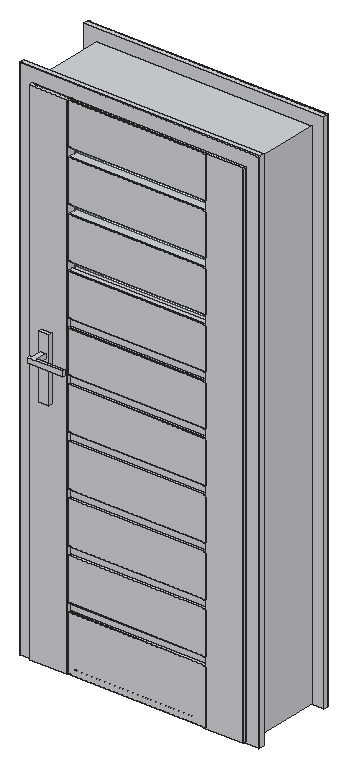
Revit family "porta_koncept_A3_osc_ps", category Drzwi, Revit 2016
Family settings
  Obiekt nadrzędny = Ściana
  Zawsze pionowo = Tak
  Tnij formami wycięć po wczytaniu = Nie
  Współdzielony = Nie
  Punkt obliczania pomieszczeń = Nie
Parameters (values of type "PN 80")
  Zakres szerokości muru [instance] = if(and(Grubość ściany > 94 mm, Grubość ściany < 120 mm), "B", (if(and(Grubość ściany > 119 mm, Grubość ściany < 140 mm), "C", (if(and(Grubość ściany > 139 mm, Grubość ściany < 160 mm), "D", (if(and(Grubość ściany > 159 mm, Grubość ściany < 180 mm), "E", (if(and(Grubość ściany > 179 mm, Grubość ściany < 200 mm), "F", (if(and(Grubość ściany > 199 mm, Grubość ściany < 220 mm), "G", (if(and(Grubość ściany > 219 mm, Grubość ściany < 240 mm), "H", (if(and(Grubość ściany > 239 mm, Grubość ściany < 260 mm), "I", (if(and(Grubość ściany > 259 mm, Grubość ściany < 280 mm), "J", (if(and(Grubość ściany > 279 mm, Grubość ściany < 301 mm), "K", "BRAK")))))))))))))))))))  # "K"
  Wysokość brutto = 2060 mm
  Szerokość brutto = 880 mm
  Model = "Koncept A3"
  Konstrukcja analityczna = "<Brak>"
  Grubość ściany [instance] = 300 mm
  Funkcja = Wewnętrzna
  URL = "www.porta.com.pl"
  Ss = 844 mm
  Sb = 846 mm
  Producent = "PORTA KMI POLAND"
  Keynote = ""
  Description = ""
  Wysokość = 2016 mm
  Zakończenie ściany = Wg obiektu nadrzędnego
  Szerokość = 800 mm
  Materiał_skrzydło [instance] = none
  Materiał_ościeżnica [instance] = none
  Materiał_klamka [instance] = none
  Informacja = "Własność Porta KMI Poland, wszelkie prawa zastrzeżone."  # constant formula
  Hs = 2030 mm
Types (6, lengths in mm): name | Szerokość brutto | Ss | Sb | Description | Szerokość
  PN 70 | 780 | 744 | 746 | "Biblioteki CAD produktów firmy PORTA KMI POLAND wraz z ich wizualizacjami są chronione prawami własności przemysłowej i intelektualnej. Można je wykorzystywać do handlowych celów osobistych poprzez zastosowanie w projektach, jednak nie wolno ich powielać, modyfikować, licencjonować ani publikować, w całości ani w części, chyba że celem przeglądania, bez uprzedniej pisemnej zgody PORTA KMI Poland. www.porta.com.pl" | 700
  PN 60 | 680 | 644 | 646 | "Biblioteki CAD produktów firmy PORTA KMI POLAND wraz z ich wizualizacjami są chronione prawami własności przemysłowej i intelektualnej. Można je wykorzystywać do handlowych celów osobistych poprzez zastosowanie w projektach, jednak nie wolno ich powielać, modyfikować, licencjonować ani publikować, w całości ani w części, chyba że celem przeglądania, bez uprzedniej pisemnej zgody PORTA KMI Poland. www.porta.com.pl" | 600
  PN 80 | 880 | 844 | 846 | "" | 800
  PN 90 | 980 | 944 | 946 | "Biblioteki CAD produktów firmy PORTA KMI POLAND wraz z ich wizualizacjami są chronione prawami własności przemysłowej i intelektualnej. Można je wykorzystywać do handlowych celów osobistych poprzez zastosowanie w projektach, jednak nie wolno ich powielać, modyfikować, licencjonować ani publikować, w całości ani w części, chyba że celem przeglądania, bez uprzedniej pisemnej zgody PORTA KMI Poland. www.porta.com.pl" | 900
  PN 100 | 1080 | 1044 | 1046 | "Biblioteki CAD produktów firmy PORTA KMI POLAND wraz z ich wizualizacjami są chronione prawami własności przemysłowej i intelektualnej. Można je wykorzystywać do handlowych celów osobistych poprzez zastosowanie w projektach, jednak nie wolno ich powielać, modyfikować, licencjonować ani publikować, w całości ani w części, chyba że celem przeglądania, bez uprzedniej pisemnej zgody PORTA KMI Poland. www.porta.com.pl" | 1000
  PN 110 | 1180 | 1144 | 1146 | "Biblioteki CAD produktów firmy PORTA KMI POLAND wraz z ich wizualizacjami są chronione prawami własności przemysłowej i intelektualnej. Można je wykorzystywać do handlowych celów osobistych poprzez zastosowanie w projektach, jednak nie wolno ich powielać, modyfikować, licencjonować ani publikować, w całości ani w części, chyba że celem przeglądania, bez uprzedniej pisemnej zgody PORTA KMI Poland. www.porta.com.pl" | 1100
Reference planes
  plane 1: y = 0
  plane 2 "Środek (Lewa/Prawa)": x = 0
  plane 3 "Lewy": x = -440
  plane 4 "Prawy": x = 440
  plane 5: z = 2060
  plane 6 "Zewnętrzna": y = 150
  plane 7 "Wewnętrzna": y = -150
  plane 8 "skrzydło": y = -144.5
Forms (mm)
  Sweep 1, solid, material <- "Materiał_ościeżnica"
    path in 3D
      loop
        line (-440, -150, 0) -> (-440, -150, 2060) -> (440, -150, 2060) -> (440, -150, 0)
    profile origin (-440, -150, 1030) x (0, -1, 0) y (1, 0, 0)
      loop
        line (-10, 39) -> (-72, 39) -> (-72, 17) -> (0, 17) -> (0, -33) -> (16, -33)
        arc (16, -33) -> (18.121, -32.121) -> (19, -30) r 3
        line (19, -30) -> (19, 24)
        arc (19, 24) -> (18.121, 26.121) -> (16, 27) r 3
        line (16, 27) -> (-10, 27) -> (-10, 39)
  Sweep 2, solid, material <- "Materiał_ościeżnica"
    path in 3D
      loop
        line (440, 150, 0) -> (440, 150, 2060) -> (-440, 150, 2060) -> (-440, 150, 0)
    profile origin (-440, 150, 1030) x (1, 0, 0) y (0, 1, 0)
      loop
        line (-33, 0) -> (17, 0) -> (17, -228) -> (39, -228) -> (39, -1)
        arc (39, -1) -> (37.536, 2.536) -> (34, 4) r 5
        line (34, 4) -> (25, 4) -> (25, 16)
        arc (25, 16) -> (24.121, 18.121) -> (22, 19) r 3
        line (22, 19) -> (-30, 19)
        arc (-30, 19) -> (-32.121, 18.121) -> (-33, 16) r 3
        line (-33, 16) -> (-33, 0)
  Sweep 3, solid, not visible
    path in 3D
      loop
        line (-440, -150, 0) -> (-440, -150, 2060)
    profile origin (-440, -150, 1030) x (0, -1, 0) y (1, 0, 0)
      loop
        line (-151, 17) -> (-149, 17) -> (-149, 19) -> (-151, 19) -> (-151, 17)
Cuts and joins
  joined: Sweep 1, Sweep 2
Lines and regions (mm)
  Opening 1
    outline origin (-3050, -150, 0) x (1, 0, 0) y (0, 0, 1)
      loop
        line (2610, 0) -> (3490, 0) -> (3490, 2060) -> (2610, 2060) -> (2610, 0)
  sketch lines
    curve 1: line (-440, -150, 0) -> (-440, -150, 2060)
    curve 2: line (-440, -150, 2060) -> (440, -150, 2060)
    curve 3: line (440, -150, 2060) -> (440, -150, 0)
    curve 4: line (-440, 150, 2060) -> (-440, 150, 0)
    curve 5: line (440, 150, 2060) -> (-440, 150, 2060)
    curve 6: line (440, 150, 0) -> (440, 150, 2060)
    curve 12: line (-440, -150, 0) -> (-440, -150, 2060)
  symbolic lines, style "DoorsPanelProjection"
    curve 7: line (422, -150, 0) -> (422, -994, 0)
    curve 8: line (422, -994, 0) -> (382, -994, 0)
    curve 9: line (382, -994, 0) -> (382, -150, 0)
    curve 10: line (382, -150, 0) -> (422, -150, 0)
  symbolic lines, style "Ugięcie rzutu"
    curve 11: arc (-422, -150, 0) -> (-174.798, -746.798, 0) -> (422, -994, 0) r 844
Text (mm)
  text "Zewnętrzna" at (-2295.016, 1099.543, 0), in view "Poziom odniesienia"
  text "Zewnętrzna" at (0, 1615.38, 3698.081), in view "Lewy"
  text "Zewnętrzna" at (0, 1036.032, 3874.932), in view "Prawy"
Dimensions and locks
  equal spacing: plane 3 "Lewy", plane 2 "Środek (Lewa/Prawa)", plane 4 "Prawy"
  "Szerokość brutto": plane 3 "Lewy" to plane 4 "Prawy"
  "Wysokość brutto": plane 5 to host wall
  host wall to plane 5 = 2060 mm  (x2)
  locked: plane 6 "Zewnętrzna" to host wall at 0
  locked: plane 7 "Wewnętrzna" to host wall
  "Sb": Sweep 1 to Sweep 1
  locked: Sweep 1 sketch curve to Sweep 1 sketch curve at 22
  Sweep 1 sketch curve to Sweep 1 sketch curve = 50 mm
  locked: Sweep 1 sketch curve to profile plane at 72
  locked: Sweep 2 sketch curve to Sweep 2 sketch curve at 50
  locked: Sweep 2 sketch curve to Sweep 2 sketch curve at 22
  locked: Sweep 2 sketch curve to plane 6 "Zewnętrzna" at 1
  locked: curve 9 to curve 7 at 40
  "Ss": curve 8 to curve 10
  equal spacing: curve 11, plane 2 "Środek (Lewa/Prawa)", curve 7
  locked: plane 7 "Wewnętrzna" to plane 8 "skrzydło" at 5.5
  locked: host wall to Sweep 3 sketch curve at 1
  locked: Sweep 3 sketch curve to host wall at 1
  locked: Sweep 3 sketch curve to plane 6 "Zewnętrzna" at 151
  locked: plane 7 "Wewnętrzna" to Sweep 3 sketch curve at 151
  equal spacing: nested 1, plane 2 "Środek (Lewa/Prawa)", nested 1
  locked: nested 1 to level at 8
  "Grubość ściany": host wall to host wall
  aligned and locked: plane 3 "Lewy" to Opening 1 sketch curve
  aligned and locked: plane 5 to Opening 1 sketch curve  (x2)
  aligned and locked: Opening 1 sketch curve to plane 4 "Prawy"
  aligned and locked: Opening 1 sketch curve to level
  aligned and locked: plane 1 to host wall
  aligned and locked: Sweep 1 to Sweep 2 sketch curve
  aligned and locked: plane 7 "Wewnętrzna" to curve 10
  aligned and locked: Sweep 3 sketch curve to cut or joined group of Sweep 1, Sweep 2
  aligned and locked: Sweep 2 sketch curve to cut or joined group of Sweep 1, Sweep 2
  aligned and locked: nested 1 to plane 8 "skrzydło"
Automatic sketch dimensions
  profile plane to Sweep 1 sketch curve = 10 mm
  Sweep 1 sketch curve to profile plane = 16 mm  (x2)
  Sweep 1 sketch curve to Sweep 1 sketch curve = 3 mm
  profile plane to Sweep 1 sketch curve = 17 mm
  Sweep 1 sketch curve to Sweep 1 sketch curve = 7 mm
  Sweep 1 sketch curve to profile plane = 0 mm
  Sweep 2 sketch curve to profile plane = 0 mm
  Sweep 2 sketch curve to profile plane = 16 mm
  Sweep 2 sketch curve to Sweep 2 sketch curve = 3 mm
  Sweep 2 sketch curve to Sweep 2 sketch curve = 5 mm
  Sweep 2 sketch curve to profile plane = 4 mm
  Sweep 2 sketch curve to Sweep 2 sketch curve = 8 mm
  curve 11 to host wall = 0 mm
  Sweep 3 sketch curve to Sweep 3 sketch curve = 2 mm
Nested families
  nested 1: "skrzydło" at (0, -151, 0), Materiał_klamka <- "Materiał_klamka", Materiał_skrzydło <- "Materiał_skrzydło", type "skrzydło"
    with Materiał_skrzydło none, Materiał_klamka none
Definition of nested family "skrzydło"
  Parameters
    Ss = 844 mm
    Materiał_skrzydło [instance] = none
    Materiał_klamka [instance] = none
    Hs = 2030 mm
  Reference planes
    plane 1 "Tył": y = 6.5
    plane 2: z = 0
    plane 3 "Środek (Lewa/Prawa)": x = 0
    plane 4 "Lewa": x = -422
    plane 5 "Prawa": x = 422
    plane 6 "Przód": y = -33.5
    plane 7: z = 2038
    plane 8 "Centrum": y = -13.5
    plane 9: x = -409
    plane 10: z = 8
    plane 11: x = 409
    plane 12: x = -272
    plane 13: x = 272
    plane 14: z = 2025
  Forms (mm)
    Extrusion 1, solid, material <- "Materiał_skrzydło"
      sketch origin (-1191.728, -1524, 8) x (-1, 0, 0) y (0, -1, 0)
        loop
          line (-1465.378, -1490.5) -> (-1612.078, -1490.5)
          arc (-1612.078, -1490.5) -> (-1613.244, -1490.983) -> (-1613.728, -1492.15) r 1.65
          line (-1613.728, -1492.15) -> (-1613.728, -1501.85)
          arc (-1613.728, -1501.85) -> (-1613.244, -1503.017) -> (-1612.078, -1503.5) r 1.65
          line (-1612.078, -1503.5) -> (-1602.078, -1503.5)
          arc (-1602.078, -1503.5) -> (-1601.123, -1503.895) -> (-1600.728, -1504.85) r 1.35
          line (-1600.728, -1504.85) -> (-1600.728, -1528.85)
          arc (-1600.728, -1528.85) -> (-1600.244, -1530.017) -> (-1599.078, -1530.5) r 1.65
          line (-1599.078, -1530.5) -> (-1465.378, -1530.5)
          arc (-1465.378, -1530.5) -> (-1464.211, -1530.017) -> (-1463.728, -1528.85) r 1.65
          line (-1463.728, -1528.85) -> (-1463.728, -1492.15)
          arc (-1463.728, -1492.15) -> (-1464.211, -1490.983) -> (-1465.378, -1490.5) r 1.65
      from 0 to 2030
    Extrusion 2, void
      sketch origin (0, 0, 0) x (0, -1, 0) y (0, 0, 1)
        loop
          line (-6.5, 2025) -> (20.5, 2025) -> (20.5, 2038) -> (-6.5, 2038) -> (-6.5, 2025)
      from -422 to 422
    Extrusion 3, solid, material <- "Materiał_skrzydło"
      sketch origin (0, 0, 0) x (0, 1, 0) y (0, 0, 1)
        loop
          line (4, 1869.65) -> (4, 2023.35)
          arc (4, 2023.35) -> (3.517, 2024.517) -> (2.35, 2025) r 1.65
          line (2.35, 2025) -> (-19.15, 2025)
          arc (-19.15, 2025) -> (-20.105, 2025.395) -> (-20.5, 2026.35) r 1.35
          line (-20.5, 2026.35) -> (-20.5, 2036.35)
          arc (-20.5, 2036.35) -> (-20.983, 2037.517) -> (-22.15, 2038) r 1.65
          line (-22.15, 2038) -> (-29.35, 2038)
          arc (-29.35, 2038) -> (-30.517, 2037.517) -> (-31, 2036.35) r 1.65
          line (-31, 2036.35) -> (-31, 1869.65)
          arc (-31, 1869.65) -> (-30.517, 1868.483) -> (-29.35, 1868) r 1.65
          line (-29.35, 1868) -> (2.35, 1868)
          arc (2.35, 1868) -> (3.517, 1868.483) -> (4, 1869.65) r 1.65
        loop
          line (2.35, 228) -> (-29.35, 228)
          arc (-29.35, 228) -> (-30.517, 227.517) -> (-31, 226.35) r 1.65
          line (-31, 226.35) -> (-31, 9.65)
          arc (-31, 9.65) -> (-30.517, 8.483) -> (-29.35, 8) r 1.65
          line (-29.35, 8) -> (-25, 8)
          arc (-25, 8) -> (-23.833, 8.483) -> (-23.35, 9.65) r 1.65
          arc (-23.35, 9.65) -> (-22.955, 10.605) -> (-22, 11) r 1.35
          line (-22, 11) -> (-5, 11)
          arc (-5, 11) -> (-4.045, 10.605) -> (-3.65, 9.65) r 1.35
          arc (-3.65, 9.65) -> (-3.167, 8.483) -> (-2, 8) r 1.65
          line (-2, 8) -> (2.35, 8)
          arc (2.35, 8) -> (3.517, 8.483) -> (4, 9.65) r 1.65
          line (4, 9.65) -> (4, 226.35)
          arc (4, 226.35) -> (3.517, 227.517) -> (2.35, 228) r 1.65
        loop
          line (2.35, 429.1) -> (-29.35, 429.1)
          arc (-29.35, 429.1) -> (-30.517, 428.617) -> (-31, 427.45) r 1.65
          line (-31, 427.45) -> (-31, 260.75)
          arc (-31, 260.75) -> (-30.517, 259.583) -> (-29.35, 259.1) r 1.65
          line (-29.35, 259.1) -> (2.35, 259.1)
          arc (2.35, 259.1) -> (3.517, 259.583) -> (4, 260.75) r 1.65
          line (4, 260.75) -> (4, 427.45)
          arc (4, 427.45) -> (3.517, 428.617) -> (2.35, 429.1) r 1.65
        loop
          line (2.35, 630.2) -> (-29.35, 630.2)
          arc (-29.35, 630.2) -> (-30.517, 629.717) -> (-31, 628.55) r 1.65
          line (-31, 628.55) -> (-31, 461.85)
          arc (-31, 461.85) -> (-30.517, 460.683) -> (-29.35, 460.2) r 1.65
          line (-29.35, 460.2) -> (2.35, 460.2)
          arc (2.35, 460.2) -> (3.517, 460.683) -> (4, 461.85) r 1.65
          line (4, 461.85) -> (4, 628.55)
          arc (4, 628.55) -> (3.517, 629.717) -> (2.35, 630.2) r 1.65
        loop
          line (2.35, 831.3) -> (-29.35, 831.3)
          arc (-29.35, 831.3) -> (-30.517, 830.817) -> (-31, 829.65) r 1.65
          line (-31, 829.65) -> (-31, 662.95)
          arc (-31, 662.95) -> (-30.517, 661.783) -> (-29.35, 661.3) r 1.65
          line (-29.35, 661.3) -> (2.35, 661.3)
          arc (2.35, 661.3) -> (3.517, 661.783) -> (4, 662.95) r 1.65
          line (4, 662.95) -> (4, 829.65)
          arc (4, 829.65) -> (3.517, 830.817) -> (2.35, 831.3) r 1.65
        loop
          line (2.35, 1032.4) -> (-29.35, 1032.4)
          arc (-29.35, 1032.4) -> (-30.517, 1031.917) -> (-31, 1030.75) r 1.65
          line (-31, 1030.75) -> (-31, 864.05)
          arc (-31, 864.05) -> (-30.517, 862.883) -> (-29.35, 862.4) r 1.65
          line (-29.35, 862.4) -> (2.35, 862.4)
          arc (2.35, 862.4) -> (3.517, 862.883) -> (4, 864.05) r 1.65
          line (4, 864.05) -> (4, 1030.75)
          arc (4, 1030.75) -> (3.517, 1031.917) -> (2.35, 1032.4) r 1.65
        loop
          line (2.35, 1233.5) -> (-29.35, 1233.5)
          arc (-29.35, 1233.5) -> (-30.517, 1233.017) -> (-31, 1231.85) r 1.65
          line (-31, 1231.85) -> (-31, 1065.15)
          arc (-31, 1065.15) -> (-30.517, 1063.983) -> (-29.35, 1063.5) r 1.65
          line (-29.35, 1063.5) -> (2.35, 1063.5)
          arc (2.35, 1063.5) -> (3.517, 1063.983) -> (4, 1065.15) r 1.65
          line (4, 1065.15) -> (4, 1231.85)
          arc (4, 1231.85) -> (3.517, 1233.017) -> (2.35, 1233.5) r 1.65
        loop
          line (2.35, 1434.6) -> (-29.35, 1434.6)
          arc (-29.35, 1434.6) -> (-30.517, 1434.117) -> (-31, 1432.95) r 1.65
          line (-31, 1432.95) -> (-31, 1266.25)
          arc (-31, 1266.25) -> (-30.517, 1265.083) -> (-29.35, 1264.6) r 1.65
          line (-29.35, 1264.6) -> (2.35, 1264.6)
          arc (2.35, 1264.6) -> (3.517, 1265.083) -> (4, 1266.25) r 1.65
          line (4, 1266.25) -> (4, 1432.95)
          arc (4, 1432.95) -> (3.517, 1434.117) -> (2.35, 1434.6) r 1.65
        loop
          line (2.35, 1635.7) -> (-29.35, 1635.7)
          arc (-29.35, 1635.7) -> (-30.517, 1635.217) -> (-31, 1634.05) r 1.65
          line (-31, 1634.05) -> (-31, 1467.35)
          arc (-31, 1467.35) -> (-30.517, 1466.183) -> (-29.35, 1465.7) r 1.65
          line (-29.35, 1465.7) -> (2.35, 1465.7)
          arc (2.35, 1465.7) -> (3.517, 1466.183) -> (4, 1467.35) r 1.65
          line (4, 1467.35) -> (4, 1634.05)
          arc (4, 1634.05) -> (3.517, 1635.217) -> (2.35, 1635.7) r 1.65
        loop
          line (2.35, 1836.8) -> (-29.35, 1836.8)
          arc (-29.35, 1836.8) -> (-30.517, 1836.317) -> (-31, 1835.15) r 1.65
          line (-31, 1835.15) -> (-31, 1668.45)
          arc (-31, 1668.45) -> (-30.517, 1667.283) -> (-29.35, 1666.8) r 1.65
          line (-29.35, 1666.8) -> (2.35, 1666.8)
          arc (2.35, 1666.8) -> (3.517, 1667.283) -> (4, 1668.45) r 1.65
          line (4, 1668.45) -> (4, 1835.15)
          arc (4, 1835.15) -> (3.517, 1836.317) -> (2.35, 1836.8) r 1.65
      from -272 to 272
    Extrusion 4, solid
      sketch origin (-892.016, -13.5, 1200) x (-1, 0, 0) y (0, 0, 1)
        loop
          line (-620.016, 668) -> (-1164.016, 668) -> (-1164.016, 234.6) -> (-620.016, 234.6) -> (-620.016, 668)
      from -2 to 2
    Extrusion 5, solid, material <- "Materiał_skrzydło"
      sketch origin (-892.016, -13.5, 1200) x (-1, 0, 0) y (0, 0, 1)
        loop
          line (-620.016, -972) -> (-620.016, 64.6) -> (-1164.016, 64.6) -> (-1164.016, -972) -> (-620.016, -972)
      from -6 to 6
    Extrusion 6, solid, material <- "Materiał_skrzydło"
      sketch origin (-1191.728, -1524, 8) x (-1, 0, 0) y (0, -1, 0)
        loop
          arc (-918.078, -1490.5) -> (-919.244, -1490.983) -> (-919.728, -1492.15) r 1.65
          line (-919.728, -1492.15) -> (-919.728, -1528.85)
          arc (-919.728, -1528.85) -> (-919.244, -1530.017) -> (-918.078, -1530.5) r 1.65
          line (-918.078, -1530.5) -> (-784.378, -1530.5)
          arc (-784.378, -1530.5) -> (-783.211, -1530.017) -> (-782.728, -1528.85) r 1.65
          line (-782.728, -1528.85) -> (-782.728, -1504.85)
          arc (-782.728, -1504.85) -> (-782.332, -1503.895) -> (-781.378, -1503.5) r 1.35
          line (-781.378, -1503.5) -> (-771.378, -1503.5)
          arc (-771.378, -1503.5) -> (-770.211, -1503.017) -> (-769.728, -1501.85) r 1.65
          line (-769.728, -1501.85) -> (-769.728, -1492.15)
          arc (-769.728, -1492.15) -> (-770.211, -1490.983) -> (-771.378, -1490.5) r 1.65
          line (-771.378, -1490.5) -> (-918.078, -1490.5)
      from 0 to 2030
  Cuts and joins
    Extrusion 2 cuts Extrusion 1
    Extrusion 2 cuts Extrusion 6
  Dimensions and locks
    equal spacing: plane 4 "Lewa", plane 3 "Środek (Lewa/Prawa)", plane 5 "Prawa"
    "Ss": plane 4 "Lewa" to plane 5 "Prawa"
    locked: plane 4 "Lewa" to plane 9 at 13
    locked: plane 10 to level at 8
    "Hs": plane 7 to plane 10
    locked: plane 5 "Prawa" to plane 11 at 13
    locked: plane 9 to nested 1 at 35
    locked: nested 1 to plane 10 at 934
    locked: plane 10 to nested 2 at 934
    equal spacing: plane 6 "Przód", plane 8 "Centrum", plane 1 "Tył"
    locked: plane 7 to plane 14 at 13
    locked: plane 12 to plane 4 "Lewa" at 150
    locked: plane 5 "Prawa" to plane 13 at 150
    locked: plane 1 "Tył" to Extrusion 2 sketch curve at 27
    aligned and locked: nested 1 to plane 6 "Przód"
    aligned and locked: plane 5 "Prawa" to Extrusion 1 sketch curve
    aligned and locked: Extrusion 1 sketch curve to plane 11
    aligned and locked: Extrusion 1 sketch curve to plane 1 "Tył"
    aligned and locked: Extrusion 1 sketch curve to plane 6 "Przód"
    aligned and locked: Extrusion 1 sketch curve to plane 13
    aligned and locked: plane 7 to Extrusion 1
    aligned and locked: Extrusion 2 sketch curve to plane 14
    aligned and locked: Extrusion 2 sketch curve to plane 1 "Tył"
    aligned and locked: plane 7 to Extrusion 2 sketch curve
    aligned and locked: Extrusion 2 to plane 4 "Lewa"
    aligned and locked: plane 5 "Prawa" to Extrusion 2
    aligned and locked: Extrusion 3 to plane 12
    aligned and locked: plane 13 to Extrusion 3
    aligned and locked: plane 12 to Extrusion 4 sketch curve
    aligned and locked: plane 13 to Extrusion 4 sketch curve
    aligned and locked: Extrusion 3 to Extrusion 5 sketch curve  (x2)
    aligned and locked: plane 4 "Lewa" to Extrusion 6 sketch curve
    aligned and locked: Extrusion 6 sketch curve to plane 12
    aligned and locked: plane 7 to Extrusion 6
    aligned and locked: nested 2 to nested 1
  Automatic sketch dimensions
    Extrusion 1 sketch curve to Extrusion 1 sketch curve = 1.65 mm  (x4)
    Extrusion 1 sketch curve to Extrusion 1 sketch curve = 1.35 mm
    Extrusion 1 sketch curve to Extrusion 1 sketch curve = 10 mm
    plane 1 "Tył" to Extrusion 1 sketch curve = 25.65 mm
    Extrusion 6 sketch curve to Extrusion 6 sketch curve = 1.65 mm  (x4)
    Extrusion 6 sketch curve to Extrusion 6 sketch curve = 1.35 mm
    Extrusion 6 sketch curve to Extrusion 6 sketch curve = 10 mm
    Extrusion 6 sketch curve to Extrusion 6 sketch curve = 0 mm
    plane 6 "Przód" to Extrusion 6 sketch curve = 40 mm
    Extrusion 6 sketch curve to Extrusion 6 sketch curve = 24 mm
    Extrusion 6 sketch curve to Extrusion 6 sketch curve = 9.7 mm
    Extrusion 3 sketch curve to plane 7 = 0 mm
    Extrusion 3 sketch curve to plane 10 = 0 mm  (x2)
    Extrusion 3 sketch curve to plane 14 = 0 mm
    plane 6 "Przód" to Extrusion 3 sketch curve = 2.5 mm  (x10)
    Extrusion 3 sketch curve to Extrusion 3 sketch curve = 1.65 mm  (x31)
    Extrusion 3 sketch curve to Extrusion 3 sketch curve = 4.35 mm
    Extrusion 3 sketch curve to Extrusion 3 sketch curve = 0 mm  (x2)
    Extrusion 3 sketch curve to Extrusion 3 sketch curve = 7.2 mm
    Extrusion 3 sketch curve to Extrusion 3 sketch curve = 1.35 mm
    plane 14 to Extrusion 3 sketch curve = 1.35 mm
    Extrusion 3 sketch curve to plane 8 "Centrum" = 7 mm
    plane 10 to Extrusion 3 sketch curve = 1.65 mm
    plane 8 "Centrum" to Extrusion 3 sketch curve = 8.5 mm
    plane 1 "Tył" to Extrusion 3 sketch curve = 4.15 mm  (x20)
    Extrusion 3 sketch curve to Extrusion 3 sketch curve = 215.35 mm
    Extrusion 3 sketch curve to Extrusion 3 sketch curve = 31.1 mm  (x8)
    Extrusion 3 sketch curve to Extrusion 3 sketch curve = 166.7 mm  (x8)
    Extrusion 3 sketch curve to Extrusion 3 sketch curve = 31.2 mm
    plane 10 to Extrusion 5 sketch curve = 220 mm
    Extrusion 5 sketch curve to plane 14 = 760.4 mm
    Extrusion 4 sketch curve to plane 14 = 590.4 mm
    Extrusion 4 sketch curve to plane 14 = 157 mm
  Nested families
    nested 1: "KLAMKA" at (-354, -33.5, 1067), Materiał klamki <- "Materiał_klamka", type "KLAMKA"
      with Materiał klamki none
    nested 2: "KLAMKA" at (-354, 6.5, 1067), Materiał klamki <- "Materiał_klamka", type "KLAMKA"
      with Materiał klamki none
  Definition of nested family "KLAMKA"
    Parameters
      Materiał klamki [instance] = none
      Assembly Code = ""
      Default Elevation = 1219.2 mm
    Reference planes
      plane 1 "Center (Front/Back)": y = 0
      plane 2: z = 0
      plane 3 "Center (Left/Right)": x = 0
      plane 4: z = 125
      plane 5: z = -125
      plane 6: x = 20
      plane 7: x = -20
      plane 8: y = -70
      plane 9: y = -60
      plane 10: x = 10
      plane 11: x = -10
      plane 12: x = 120
      plane 13: z = 35
      plane 14: z = 55
      plane 15: y = -15
    Forms (mm)
      Extrusion 1, solid, material <- "Materiał klamki"
        sketch origin (0, 0, 0) x (1, 0, 0) y (0, 0, 1)
          loop
            line (-20, 125) -> (-20, -125) -> (20, -125) -> (20, 125) -> (-20, 125)
        from 0 to 15
      Extrusion 2, solid, material <- "Materiał klamki"
        sketch origin (0, 0, 0) x (1, 0, 0) y (0, 1, 0)
          loop
            line (-10, -15) -> (-10, -60) -> (-20, -60) -> (-20, -70) -> (120, -70) -> (120, -60) -> (10, -60) -> (10, -15) -> (-10, -15)
        from 35 to 55
    Dimensions and locks
      equal spacing: plane 4, plane 2, plane 5
      plane 4 to plane 5 = 250 mm
      equal spacing: plane 7, plane 3 "Center (Left/Right)", plane 6
      plane 7 to plane 6 = 40 mm
      plane 8 to plane 1 "Center (Front/Back)" = 70 mm
      plane 11 to plane 3 "Center (Left/Right)" to plane 10 = 10 mm locked, 10 mm locked
      plane 7 to plane 12 = 140 mm
      plane 15 to plane 1 "Center (Front/Back)" = 15 mm
      aligned and locked: plane 7 to Extrusion 1 sketch curve
      aligned and locked: Extrusion 1 sketch curve to plane 4
      aligned and locked: plane 5 to Extrusion 1 sketch curve
      aligned and locked: Extrusion 1 sketch curve to plane 6
      aligned and locked: plane 15 to Extrusion 1
      aligned and locked: Extrusion 1 to plane 1 "Center (Front/Back)"
      aligned and locked: plane 14 to Extrusion 2
      aligned and locked: Extrusion 2 to plane 13
    Automatic sketch dimensions
      Extrusion 2 sketch curve to plane 7 = 0 mm
      Extrusion 2 sketch curve to plane 9 = 0 mm  (x2)
      Extrusion 2 sketch curve to plane 11 = 0 mm
      Extrusion 2 sketch curve to plane 10 = 0 mm
      Extrusion 2 sketch curve to plane 12 = 0 mm
      Extrusion 2 sketch curve to plane 8 = 0 mm
      Extrusion 2 sketch curve to plane 15 = 0 mm
